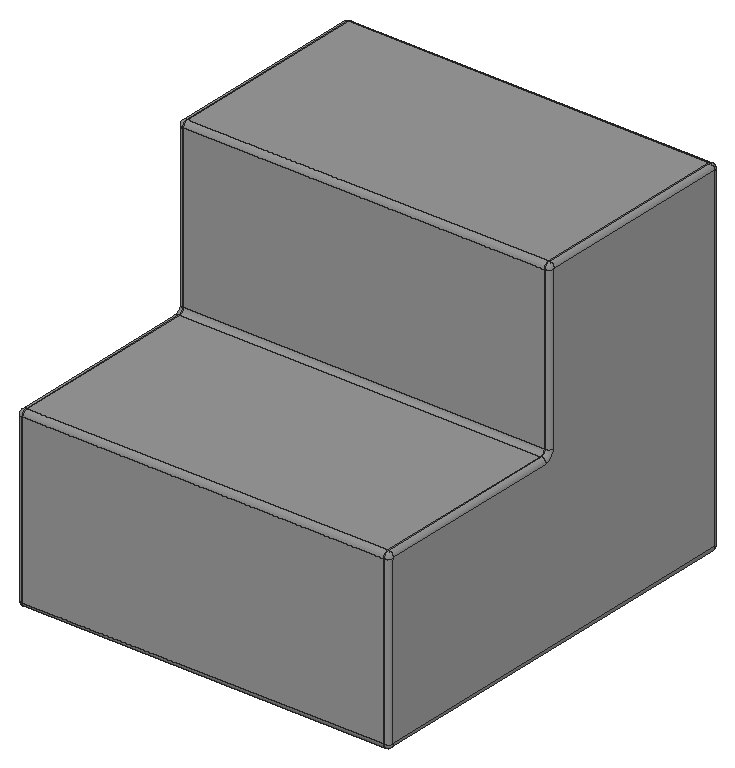
Revit family "TS1001 Elevate Tier Two Step", category Generic Models, Revit 2018
Family settings
  Can host rebar = No
  Round Connector Dimension = Use Diameter
  Part Type = Normal
  Work Plane-Based = No
  Always vertical = Yes
  Cut with Voids When Loaded = No
  Shared = No
  Room Calculation Point = No
Parameters
  Fabric = TS1001 Elevate Two Tier Fabric
Reference planes (in)
  plane 1 "Center (Front/Back)": y = 0
  plane 2: z = 0
  plane 3 "Center (Left/Right)": x = 0
Forms (in)
  Sweep 1, solid, material "TS1001 Elevate Two Tier Fabric" <- "Fabric"
    path origin (0, 0.00025, 0) x (0, 1, 0) y (0, 0, 1)
      loop
        arc (20, 34.06864) -> (19.99374, 34.08374) -> (19.97864, 34.09) r 0.02136
        line (19.97864, 34.09) -> (0.01959, 34.09)
        arc (0.01959, 34.09) -> (0.00574, 34.08426) -> (0, 34.07041) r 0.01959
        line (0, 34.07041) -> (0, 18.09)
        arc (0, 18.09) -> (-0.29289, 17.38289) -> (-1, 17.09) r 1
        line (-1, 17.09) -> (-19.98044, 17.09)
        arc (-19.98044, 17.09) -> (-19.99427, 17.08427) -> (-20, 17.07044) r 0.01956
        line (-20, 17.07044) -> (-20, 0.51994)
        arc (-20, 0.51994) -> (-19.99416, 0.50584) -> (-19.98006, 0.5) r 0.01994
        line (-19.98006, 0.5) -> (19.97956, 0.5)
        arc (19.97956, 0.5) -> (19.99401, 0.50599) -> (20, 0.52044) r 0.02044
        line (20, 0.52044) -> (20, 34.06864)
    profile origin (0, 20.00025, 17.29454) x (1, 0, 0) y (0, 1, 0)
      loop
        line (-18, 0) -> (-18, 0.5)
        arc (-18, 0.5) -> (-18.35355, 0.35355) -> (-18.5, 0) r 0.5
        line (-18.5, 0) -> (-18, 0)
  Extrusion 2, solid, material "TS1001 Elevate Two Tier Fabric" <- "Fabric"
    sketch origin (0, 0, 0) x (0, 1, 0) y (0, 0, 1)
      loop
        arc (-0.49975, 18.09) -> (-0.6462, 17.73645) -> (-0.99975, 17.59) r 0.5
        line (-0.99975, 17.59) -> (-19.98019, 17.59)
        arc (-19.98019, 17.59) -> (-20.34757, 17.43782) -> (-20.49975, 17.07044) r 0.51956
        line (-20.49975, 17.07044) -> (-20.49975, 0.51994)
        arc (-20.49975, 0.51994) -> (-20.34746, 0.15229) -> (-19.97981, 0) r 0.51994
        line (-19.97981, 0) -> (19.97981, 0)
        arc (19.97981, 0) -> (20.34782, 0.15243) -> (20.50025, 0.52044) r 0.52044
        line (20.50025, 0.52044) -> (20.50025, 34.06864)
        arc (20.50025, 34.06864) -> (20.34755, 34.4373) -> (19.97889, 34.59) r 0.52136
        line (19.97889, 34.59) -> (0.01984, 34.59)
        arc (0.01984, 34.59) -> (-0.34756, 34.43781) -> (-0.49975, 34.07041) r 0.51959
        line (-0.49975, 34.07041) -> (-0.49975, 18.09)
    from -18 to 18
  Sweep 3, solid, material "TS1001 Elevate Two Tier Fabric" <- "Fabric"
    path origin (0, 0.00025, 0) x (0, 1, 0) y (0, 0, -1)
      loop
        line (20, -34.06864) -> (20, -0.52044)
        arc (20, -0.52044) -> (19.99401, -0.50599) -> (19.97956, -0.5) r 0.02044
        line (19.97956, -0.5) -> (-19.98006, -0.5)
        arc (-19.98006, -0.5) -> (-19.99416, -0.50584) -> (-20, -0.51994) r 0.01994
        line (-20, -0.51994) -> (-20, -17.07044)
        arc (-20, -17.07044) -> (-19.99427, -17.08427) -> (-19.98044, -17.09) r 0.01956
        line (-19.98044, -17.09) -> (-1, -17.09)
        arc (-1, -17.09) -> (-0.29289, -17.38289) -> (0, -18.09) r 1
        line (0, -18.09) -> (0, -34.07041)
        arc (0, -34.07041) -> (0.00574, -34.08426) -> (0.01959, -34.09) r 0.01959
        line (0.01959, -34.09) -> (19.97864, -34.09)
        arc (19.97864, -34.09) -> (19.99374, -34.08374) -> (20, -34.06864) r 0.02136
    profile origin (0, 20.00025, 17.29454) x (-1, 0, 0) y (0, -1, 0)
      loop
        line (-18, 0) -> (-18.5, 0)
        arc (-18.5, 0) -> (-18.35355, -0.35355) -> (-18, -0.5) r 0.5
        line (-18, -0.5) -> (-18, 0)
  Extrusion 4, solid, material "TS1001 Elevate Two Tier Fabric" <- "Fabric"
    sketch origin (0, 0, 0) x (0, 1, 0) y (0, 0, 1)
      loop
        line (19.97889, 34.09) -> (0.01984, 34.09)
        arc (0.01984, 34.09) -> (0.00599, 34.08426) -> (0.00025, 34.07041) r 0.01959
        line (0.00025, 34.07041) -> (0.00025, 18.09)
        arc (0.00025, 18.09) -> (-0.29264, 17.38289) -> (-0.99975, 17.09) r 1
        line (-0.99975, 17.09) -> (-19.98019, 17.09)
        arc (-19.98019, 17.09) -> (-19.99402, 17.08427) -> (-19.99975, 17.07044) r 0.01956
        line (-19.99975, 17.07044) -> (-19.99975, 0.51994)
        arc (-19.99975, 0.51994) -> (-19.99391, 0.50584) -> (-19.97981, 0.5) r 0.01994
        line (-19.97981, 0.5) -> (19.97981, 0.5)
        arc (19.97981, 0.5) -> (19.99426, 0.50599) -> (20.00025, 0.52044) r 0.02044
        line (20.00025, 0.52044) -> (20.00025, 34.06864)
        arc (20.00025, 34.06864) -> (19.99399, 34.08374) -> (19.97889, 34.09) r 0.02136
    from 18 to 18.5
  Extrusion 5, solid, material "TS1001 Elevate Two Tier Fabric" <- "Fabric"
    sketch origin (0, 0, 0) x (0, 1, 0) y (0, 0, -1)
      loop
        arc (19.97889, -34.09) -> (19.99399, -34.08374) -> (20.00025, -34.06864) r 0.02136
        line (20.00025, -34.06864) -> (20.00025, -0.52044)
        arc (20.00025, -0.52044) -> (19.99426, -0.50599) -> (19.97981, -0.5) r 0.02044
        line (19.97981, -0.5) -> (-19.97981, -0.5)
        arc (-19.97981, -0.5) -> (-19.99391, -0.50584) -> (-19.99975, -0.51994) r 0.01994
        line (-19.99975, -0.51994) -> (-19.99975, -17.07044)
        arc (-19.99975, -17.07044) -> (-19.99402, -17.08427) -> (-19.98019, -17.09) r 0.01956
        line (-19.98019, -17.09) -> (-0.99975, -17.09)
        arc (-0.99975, -17.09) -> (-0.29264, -17.38289) -> (0.00025, -18.09) r 1
        line (0.00025, -18.09) -> (0.00025, -34.07041)
        arc (0.00025, -34.07041) -> (0.00599, -34.08426) -> (0.01984, -34.09) r 0.01959
        line (0.01984, -34.09) -> (19.97889, -34.09)
    from 18 to 18.5
Dimensions and locks (in)
  aligned and locked: plane 2 to level
